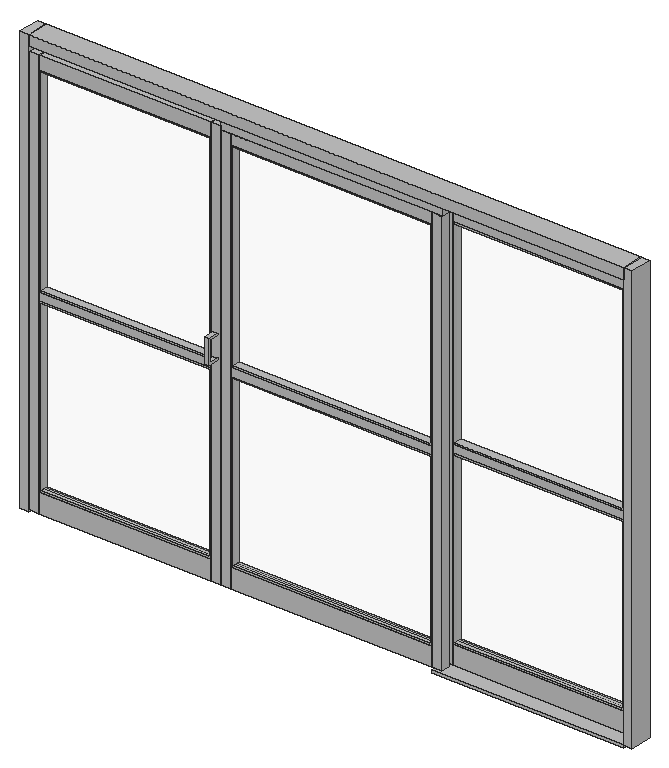
Revit family "Door_Sliding_Single_Tormax_TX9600-ICU-3Panel", category Doors, host Wall, Revit 2026
Family settings
  Host = Wall
  Classification Number = 23.30.10.17.11
  Always vertical = Yes
  Cut with Voids When Loaded = No
  Shared = No
  Room Calculation Point = No
Parameters
  Water Penetration = "as Specified"
  Warranty Duration (Years) = 0
  Visual Light Transmittance = VLT  # 0
  VLT = 0
  URL = "http://www.tormaxusa.com"
  U = 0.1000 BTU/(h·ft²·°F)
  Transom Height [instance] = 2' - 0"
  Trackless = no
  Thickness = Panel Thickness  # 0' - 1 3/4"
  Thermal Resistance (R) = R  # 0.0000 (h·ft²·°F)/BTU
  Test Data = ""
  Structural Test Pressure = "as Specified"
  Standards Conformance = "as Specified"
  Specification = "http://www.arcat.com/sdspecs/htm/08463tor.htm"
  SpecWizard = ""
  Solar Heat Gain Coefficient = SHGC  # 0
  Smoke Rated = no
  Sensor Color [instance] = Metal - Tormax - Black
  Send Message = "http://www.arcat.com/users.pl?action=UserEmail&company=Tormax+Technologies,+Inc.&coid=43969&rep=108&fax=210-494-5930&mf="
  Sales Information = "http://www.tormaxusa.com/contact.php"
  SHGC = 0
  RO Spacing_Sides = 0' - 0 1/4"
  Rough Width [instance] = Width + (RO Spacing_Sides * 2)  # 10' - 6 1/2"
  Rough Height [instance] = Height + (RO Spacing_Top)  # 7' - 4 1/4"
  R = 0.0000 (h·ft²·°F)/BTU
  Product Page URL = ""
  Panel B Width = 3' - 3 1/2"
  Panel A Width = 3' - 9 1/2"
  Overall Height [instance] = if(Include Transom, Height + Transom Height, Height)  # 7' - 4"
  Operating Temperature Range = "as Specified"
  RO Spacing_Top = 0' - 0 1/4"
  Product Properties = ""
  Product Data = "http://www.arcat.com/arcatcos/cos43/arc43969.html"
  Panel Thickness = 0' - 1 3/4"  # constant formula
  Offset from Exterior Wall [instance] = if(Backset from Offset Plane > Offset Plane from Exterior Wall Face, 0' 0", abs(Offset Plane from Exterior Wall Face - Backset from Offset Plane))  # 0' - 0"
  Model = "as Specified"
  Miami Dade Conformance = "as Specified"
  Maximum Size = "Width and Height as Specified"
  Manufacturer Website = "http://www.tormaxusa.com"
  Manufacturer Phone - Toll Free = "888-685-3707"
  Manufacturer Phone = "210-494-3551"
  Manufacturer Fax = "210-494-5930"
  Manufacturer Address = "12859 Wetmore Rd. San Antonio, TX 78247"
  Manufacturer = "TORMAX USA Inc."
  Maintenance Schedule (Months) = 0
  Keynote = "08463"
  Installation-Fabrication = ""
  Installation Phase = ""
  Inset from Exterior Wall [instance] = if(Backset from Offset Plane > Offset Plane from Exterior Wall Face, abs(Offset Plane from Exterior Wall Face - Backset from Offset Plane), 0' 0")  # 0' - 0"
  Include Transom = no
  Height [instance] = 7' - 4"
  Heat Transfer Coefficient (U) = U  # 0.1000 BTU/(h·ft²·°F)
  Green Building-LEED = "http://www.arcat.com/green/clients/leed_data_43969.html"
  Glazing Tint [instance] = Glass - Tormax - Glazing as Specified
  Glazing Thickness_Transom [instance] = 0' - 0 1/2"
  Glazing Thickness_Sliding Panel [instance] = 0' - 0 1/2"
  Glazing Thickness_Fixed Panel [instance] = 0' - 0 1/2"
  Glazing Stop Width = 0' - 0 1/4"
  Function = Exterior
  Frame Thickness = 0' - 4 1/2"
  Frame Finish [instance] = Metal - Tormax - Aluminum Finished as Specified
  Fire Rating = "as Specified"
  Expected Lifespan (Years) = 0
  Drawn By = "Sumex Design, Inc. / Robert S. Weygant, CSI, CDT, SCIP"
  Door Threshold = 9600SS : Recessed Threshold
  Door Stile_Operable Leaf_Wide [instance] = not(Door Stile_Operable Leaf_Narrow)  # no
  Door Stile_Operable Leaf_Narrow [instance] = yes
  Door Stile_Fixed Leaf_Wide [instance] = not(Door Stile_Fixed Leaf_Narrow)  # no
  Door Stile_Fixed Leaf_Narrow [instance] = yes
  Door Stile Width_Operable Leaf [instance] = if(Door Stile_Operable Leaf_Narrow, 0' 2 1/8", 0' 5 1/2")  # 0' - 2 1/8"
  Door Stile Width_Fixed Leaf [instance] = if(Door Stile_Fixed Leaf_Narrow, 0' 2 1/8", 0' 5 1/2")  # 0' - 2 1/8"
  Door Bottom Rail_Tall [instance] = not(Door Bottom Rail_Standard)  # no
  Door Bottom Rail_Standard [instance] = yes
  Door Bottom Rail Height [instance] = if(Door Bottom Rail_Standard, 0' 4", 0' 10")  # 0' - 4"
  Description = "Tormax Manual Sliding ICU Door as Specified"
  Wall Closure = By host
  Width = 10' - 6"
  Define Thermal Properties by = Schematic Type
  Copyright = "©Arcat Inc."
  Construction Details = "http://www.arcat.com/details/tormax/tormax.html?coid=43969"
  Clear Door Opening Width = 3' - 0 1/4"
  Clear Door Opening Height [instance] = Height - 0' 3 3/4"  # 7' - 0 1/4"
  Center Rail Width = 0' - 1 3/4"
  CAD Details = ""
  Breakout_Partial = no
  Breakout_Full = yes
  Breakout Width = 9' - 7 3/4"
  Available Options = "as Specified"
  Assembly Code = "B2030110"
  Backset from Offset Plane [instance] = 0' - 0"
  Offset Plane from Exterior Wall Face [instance] = 0' - 0"
  Analytic Construction = "<None>"
  Air Infiltration = "as Specified"
  2D Plan Swing Angle [instance] = 30.00°
Reference planes (in)
  plane 1 "Center (Front/Back)": y = 1.6426
  plane 2: z = 0
  plane 3 "Center (Left/Right)": x = -0.5
  plane 4 "Left": x = -63.75
  plane 5 "Right": x = 62.75
  plane 6 "Bottom": z = 0
  plane 7 "Top": z = 88.25
  plane 8: x = -63.5
  plane 9: x = 62.5
  plane 10: z = 88
  plane 11: y = -1.3574
  plane 12: y = 4.6426
  plane 13 "Door Frame Exterior": y = 4.6426
  plane 14 "Door Frame Interior": y = 0.1426
  plane 15: y = 4.6426
  plane 16 "Door Frame CL": y = 2.3926
  plane 17: x = 59.6875
  plane 18: x = 58.625
  plane 19: x = 60.75
Lines and regions (in)
  Opening 1
    outline origin (-60, -1.3574, 0) x (1, 0, 0) y (0, 0, 1)
      loop
        line (-3.75, 88.25) -> (-3.75, 0) -> (122.75, 0) -> (122.75, 88.25) -> (-3.75, 88.25)
Text (in)
  text "EXTERIOR" at (-58.6888, 13.80127, 0), in view "Plan View"
  text "INTERIOR" at (-58.6888, -8.43329, 0), in view "Plan View"
  text "Exterior" at (0, 43.65631, 123.19604), in view "Left"
  text "Exterior" at (0, 18.29385, 125.04747), in view "Right"
Dimensions and locks (in)
  equal spacing: plane 4 "Left", plane 3 "Center (Left/Right)", plane 5 "Right"
  "RO Spacing_Sides": plane 4 "Left" to plane 8
  "RO Spacing_Sides": plane 9 to plane 5 "Right"
  "RO Spacing_Top": plane 10 to plane 7 "Top"
  "Frame Thickness": plane 14 "Door Frame Interior" to plane 13 "Door Frame Exterior"
  "Offset Plane from Exterior Wall Face": plane 15 to plane 12
  "Backset from Offset Plane": plane 15 to plane 13 "Door Frame Exterior"
  equal spacing: plane 14 "Door Frame Interior", plane 16 "Door Frame CL", plane 13 "Door Frame Exterior"
  "Width": plane 8 to plane 9
  "Overall Height": plane 10 to level
  locked: plane 19 to plane 9 at 1.75
  "Door Stile Width_Fixed Leaf": plane 18 to plane 19
  equal spacing: plane 18, plane 17, plane 19
  aligned and locked: plane 7 "Top" to Opening 1 sketch curve
  aligned and locked: plane 5 "Right" to Opening 1 sketch curve
  aligned and locked: plane 4 "Left" to Opening 1 sketch curve
  aligned and locked: level to plane 2
  aligned and locked: Opening 1 sketch curve to plane 2
  aligned and locked: plane 6 "Bottom" to plane 2
  aligned and locked: host wall to plane 1 "Center (Front/Back)"
  aligned and locked: plane 11 to host wall
  aligned and locked: host wall to plane 12
  aligned and locked: nested 2 to plane 17
  aligned and locked: plane 13 "Door Frame Exterior" to nested 2
Nested families (in)
  nested 1: "9600SS" at (-0.5, 2.3926, 66) x (1, 0, 0) z (0, 1, 0), Unit Width <- "Width", Unit Height <- "Height", include transom <- "Include Transom", breakout angle <- "2D Plan Swing Angle", panel thickness <- "Panel Thickness", transom glazing <- "Glazing Tint", sliding panel glazing <- "Glazing Tint", frame finish <- "Frame Finish", transom height <- "Transom Height", transom glass thickness <- "Glazing Thickness_Transom", sliding glazing thickness <- "Glazing Thickness_Sliding Panel", fixed glazing thickness <- "Glazing Thickness_Fixed Panel", glazing stop width <- "Glazing Stop Width", bottom rail height <- "Door Bottom Rail Height", type <- "Door Threshold", doodad finish <- "Sensor Color", stile width_operable <- "Door Stile Width_Operable Leaf", stile width_fixed <- "Door Stile Width_Fixed Leaf", fixed panel glazing <- "Glazing Tint", center rail width <- "Center Rail Width", primary panel width <- "Panel A Width", fixed panel width <- "Panel B Width", partial breakout <- "Breakout_Partial", trackless <- "Trackless", type "Recessed Threshold"
    with transomsweepcontrol 0' - 1 3/16", transomheightcontrol 0' - 2 3/16", transomheaderheightcontrol 0' - 2 3/16", transom height 2' - 0", transom glazing Glass - Tormax - Glazing as Specified, transom glass thickness 0' - 0 1/2", trackless no, stile width_operable 0' - 2 1/8", stile width_fixed 0' - 2 1/8", sliding panel glazing Glass - Tormax - Glazing as Specified, sliding glazing thickness 0' - 0 1/2", primary panel width 3' - 9 1/2", partial breakout no, panelheightc 7' - 0 1/2", panelheightb 7' - 1 7/16", panelheighta 6' - 11 7/8", panel width 5' - 2 7/16", panel thickness 0' - 1 3/4", offsetsliding -0' - 1 1/4", offsetfixed 0' - 1 3/8", locatepanelfromright 0' - 0", locatepanelfromleft 0' - 0", include transom no, glazing stop width 0' - 0 1/4", full breakout yes, frame finish Metal - Tormax - Aluminum Finished as Specified, fixedtrack no, fixed panel width 3' - 3 1/2", fixed panel glazing Glass - Tormax - Glazing as Specified, fixed glazing thickness 0' - 0 1/2", doodad finish Metal - Tormax - Black, center rail width 0' - 1 3/4", breakout angle 30.00°, bottom rail height 0' - 4", air space 0' - 0 3/8", Unit Width 10' - 6", Unit Height 7' - 4", Smoke Rated no, Header Height 0' - 2 3/16", Clear Opening Height 7' - 0 1/4"
  nested 2: "Tool_BreakawaySwing" at (59.6875, 4.6426, 0) x (-1, 0, 0) z (0, 0, -1), Panel_Second_Width <- "Panel A Width", Panel_First_Width <- "Panel B Width", visible <- "Breakout_Full", type "Tool_BreakawaySwing"
    with Third Panel Visible no, Space Between Panel 2 and 3 0' - 0 1/4", Space Between Panel 1 and 2 0' - 2 5/16", Second Panel Visible yes, Panel_Third_Width 2' - 6", Panel_Third_Thickness 0' - 1 3/4", Panel_Third_Backset from First 0' - 6", Panel_Second_Width 3' - 9 1/2", Panel_Second_Thickness 0' - 1 3/4", Panel_Second_Backset from First 0' - 2 3/4", Panel_First_Width 3' - 3 1/2", Panel_First_Thickness 0' - 1 3/4", Panel_First_Pivot Inset 0' - 1 3/4"
Definition of nested family "9600SS"
  Parameters (values of type "Recessed Threshold")
    transomsweepcontrol [instance] = if(include transom, 0' 0", 0' 1 3/16")  # 0' - 1 3/16"
    transomheightcontrol [instance] = if(include transom, transom height, 0' 2 3/16")  # 0' - 2 3/16"
    transomheaderheightcontrol [instance] = if(include transom, 0' 1 13/16", 0' 2 3/16")  # 0' - 2 3/16"
    transom height [instance] = 3' - 4 3/16"
    transom glazing [instance] = none
    transom glass thickness [instance] = 0' - 0 1/8"
    trackless [instance] = yes
    surface threshold = no
    stile width_operable [instance] = 0' - 2 1/8"
    stile width_fixed [instance] = 0' - 2 1/8"
    panelheightc [instance] = panelheighta + 0' 0 5/8"  # 6' - 8 1/2"
    panelheightb [instance] = Unit Height - Header Height - (air space)  # 6' - 9 7/16"
    panelheighta [instance] = Unit Height - Header Height - air space - 0' 1 9/16"  # 6' - 7 7/8"
    sliding panel glazing [instance] = none
    panel width [instance] = (Unit Width - (0' 1 3/4" * 2) + (stile width_fixed + glazing stop width)) / 2  # 5' - 2 7/16"
    panel thickness [instance] = 0' - 1 3/4"
    primary panel width [instance] = 3' - 9 1/2"
    offsetsliding [instance] = if(full breakout, -0' 1 1/4", 0' 1 5/16")  # -0' - 1 1/4"
    offsetfixed [instance] = if(full breakout, 0' 1 3/8", -0' 1 3/8")  # 0' - 1 3/8"
    locatepanelfromright [instance] = 0' - 0"  # constant formula
    locatepanelfromleft [instance] = 0' - 0"  # constant formula
    include transom [instance] = no
    sliding glazing thickness [instance] = 0' - 0 1/2"
    glazing stop width [instance] = 0' - 0 1/4"
    full breakout [instance] = not(partial breakout)  # yes
    frame finish [instance] = none
    fixedtrack [instance] = and(partial breakout, not(trackless))  # no
    fixed panel width [instance] = 3' - 3 1/2"
    fixed panel glazing [instance] = none
    fixed glazing thickness [instance] = 0' - 0 1/4"
    doodad finish [instance] = none
    center rail width [instance] = 0' - 1 3/4"
    breakout angle [instance] = 45.00°
    partial breakout [instance] = no
    bottom rail height [instance] = 0' - 4"
    air space [instance] = if(surface threshold, 0' 0 13/16", 0' 0 3/8")  # 0' - 0 3/8"
    Warranty Duration (Years) = 0
    Unit Width [instance] = 10' - 6"
    Unit Height [instance] = 7' - 0"
    Unit Depth = 2' - 8"
    URL = ""
    Threshold_recessed = yes
    Specification = ""
    SpecWizard = ""
    Smoke Rated [instance] = no
    Send Message = ""
    Sales Information = ""
    Revision = "R1_01-2014"
    Product Properties = ""
    Product Data = ""
    Model = "As Specified"
    Manufacturer Website = ""
    Manufacturer Phone - Toll Free = ""
    Manufacturer Phone = ""
    Manufacturer Fax = ""
    Manufacturer Address = ""
    Manufacturer = ""
    Maintenance Schedule (Months) = 0
    Keynote = ""
    Installation-Fabrication = ""
    Installation Phase = ""
    Header Height [instance] = 0' - 2 3/16"  # constant formula
    Green Building-LEED = ""
    Expected Lifespan (Years) = 0
    Drawn By = "Sumex Design, Inc. / Robert S. Weygant, CSI, CDT, SCIP"
    Description = ""
    Define Thermal Properties by = 1
    Default Elevation = 0' - 0"
    Copyright = "©Arcat Inc."
    Construction Details = ""
    Clear Opening Height [instance] = Unit Height - 0' 3 3/4"  # 6' - 8 1/4"
    Assembly Code = ""
    Analytic Construction = "<None>"
  Types (2): name | panel width | primary panel width | fixed panel width | Unit Width | Threshold_recessed
    No Threshold | 3' - 5 7/16" | 3' - 8 1/2" | 3' - 2 1/2" | 7' - 0" | no
    Recessed Threshold | 5' - 2 7/16" | 3' - 9 1/2" | 3' - 3 1/2" | 10' - 6" | yes
  Reference planes (in)
    plane 1 "Center (Front/Back)": y = -25.09375
    plane 2 "Bottom": z = 0
    plane 3 "Center (Left/Right)": x = 0
    plane 4 "FF": y = -66
    plane 5 "Top": y = 20.1875
    plane 6 "Left": x = -63
    plane 7 "Right": x = 63
    plane 8: y = 18
    plane 9: z = 0.0625
    plane 10: z = -0.0625
    plane 11: x = -61.25
    plane 12: x = 61.25
    plane 13: y = -65.625
    plane 14: y = 15.8125
    plane 15: y = -66
    plane 16: z = -1.75
    plane 17: z = 2.25
    plane 18: z = -2.25
    plane 19: x = -30.625
    plane 20: y = 18
    plane 21: x = 21.75
    plane 22: x = -21.75
  Forms (in)
    Extrusion 1, solid, material <- "frame finish"
      sketch origin (0, -25.09375, 0) x (1, 0, 0) y (0, 0, 1)
        loop
          line (-63, -2.25) -> (-61.25, -2.25) -> (-61.25, 2.25) -> (-63, 2.25) -> (-63, -2.25)
        loop
          line (61.25, -2.25) -> (63, -2.25) -> (63, 2.25) -> (61.25, 2.25) -> (61.25, -2.25)
      from -43.09375 to 40.90625
    Extrusion 2, solid, material <- "frame finish", visible <- "include transom"
      sketch origin (0, 0, 0) x (0, 1, 0) y (0, 0, 1)
        loop
          line (20.1875, 2.46875) -> (18, 2.46875) -> (18, -2.46875) -> (20.1875, -2.46875) -> (20.1875, 2.46875)
      from -63 to 63
    Extrusion 3, solid, material <- "frame finish"
      sketch origin (0, 0, 0) x (0, 1, 0) y (0, 0, 1)
        loop
          line (18, -2.25) -> (18, 2.25) -> (15.8125, 2.25) -> (15.8125, -2.25) -> (18, -2.25)
      from -61.25 to 61.25
    Extrusion 4, solid, material <- "transom glazing", visible <- "include transom"
      sketch origin (0, 0, 0) x (0, 1, 0) y (0, 0, 1)
        loop
          line (18, -0.0625) -> (18.375, -0.0625) -> (18.375, 0.0625) -> (18, 0.0625) -> (18, -0.0625)
      from -61.25 to 61.25
    Sweep 5, solid, material <- "frame finish", visible <- "include transom", detail levels medium+fine
      path origin (0, 0, 0) x (1, 0, 0) y (0, 1, 0)
        loop
          line (-61.25, 18.375) -> (-61.25, 16.8125) -> (61.25, 16.8125) -> (61.25, 18.375) -> (-61.25, 18.375)
      profile origin (0, 18.375, 0) x (0, 1, 0) y (0, 0, 1)
        loop
          line (0, -0.75) -> (0, 0.75) -> (-0.25, 0) -> (0, -0.75)
    Extrusion 6, solid, material <- "frame finish", visible <- "Threshold_recessed"
      sketch origin (0, 0, 0) x (0, 1, 0) y (0, 0, 1)
        loop
          line (-66, 2.25) -> (-66.5, 2.25) -> (-66.5, -2.25) -> (-66, -2.25) -> (-66, 2.25)
      from 21.75 to 61.25
    Extrusion 7, solid, material <- "frame finish"
      sketch origin (0, 0, 0) x (0, 1, 0) y (0, 0, 1)
        loop
          line (14.25, 0) -> (15.8125, 0) -> (15.8125, 0.3125) -> (14.25, 0.3125) -> (14.25, 0)
      from -61.25 to 61.25
  Dimensions and locks (in)
    equal spacing: plane 6 "Left", plane 3 "Center (Left/Right)", plane 7 "Right"
    "Unit Width": plane 6 "Left" to plane 7 "Right"
    "transomheightcontrol": plane 5 "Top" to plane 8
    equal spacing: plane 10, level, plane 9
    "transom glass thickness": plane 10 to plane 9
    locked: Extrusion 4 sketch curve to plane 5 "Top" at 1.8125
    locked: plane 6 "Left" to Sweep 5 sketch curve at 1.75
    locked: Sweep 5 sketch curve to plane 7 "Right" at 1.75
    locked: plane 5 "Top" to Sweep 5 sketch curve at 1.8125
    locked: plane 12 to plane 7 "Right" at 1.75
    locked: plane 6 "Left" to plane 11 at 1.75
    "air space": plane 13 to plane 4 "FF"
    Extrusion 1 sketch curve to level to Extrusion 1 sketch curve = 0' - 2 1/4" locked, 0' - 2 1/4" locked  (x2)
    Extrusion 6 sketch curve to level to Extrusion 6 sketch curve = 0' - 2 1/4" locked, 0' - 2 1/4" locked
    locked: Extrusion 6 sketch curve to plane 4 "FF" at 0.5
    locked: level to plane 16 at 1.75
    equal spacing: plane 17, level, plane 18
    locked: plane 17 to plane 18 at 4.5
    equal spacing: plane 11, plane 19, plane 3 "Center (Left/Right)"
    "Unit Height": plane 4 "FF" to plane 8
    "Header Height": plane 14 to plane 8
    equal spacing: plane 4 "FF", plane 1 "Center (Front/Back)", plane 14
    "transomheaderheightcontrol": plane 20 to plane 5 "Top"
    Sweep 5 sketch curve to plane 2 "Bottom" to Sweep 5 sketch curve = 0' - 0 3/4" locked, 0' - 0 3/4" locked
    Extrusion 2 sketch curve to plane 2 "Bottom" to Extrusion 2 sketch curve = 0' - 2 15/32" locked, 0' - 2 15/32" locked
    Extrusion 7 sketch curve to Extrusion 7 sketch curve to plane 8 = 0' - 1 9/16" locked, 0' - 2 3/16" locked
    "transomsweepcontrol": plane 8 to Sweep 5 sketch curve
    Extrusion 7 sketch curve to level to Extrusion 7 sketch curve = 0' - 0 5/16" locked, 0' - 0" locked
    "fixed panel width": plane 21 to plane 12
    "fixed panel width": plane 11 to plane 22
    aligned and locked: Extrusion 1 to plane 4 "FF"
    aligned and locked: plane 5 "Top" to Extrusion 2 sketch curve
    aligned and locked: plane 8 to Extrusion 3 sketch curve
    aligned and locked: plane 8 to Extrusion 4 sketch curve
    aligned and locked: plane 11 to Extrusion 1 sketch curve
    aligned and locked: plane 12 to Extrusion 1 sketch curve
    aligned and locked: Extrusion 1 sketch curve to plane 7 "Right"
    aligned and locked: plane 6 "Left" to Extrusion 1 sketch curve
    aligned and locked: Extrusion 4 to plane 11
    aligned and locked: plane 12 to Extrusion 4
    aligned and locked: plane 12 to Extrusion 3
    aligned and locked: Extrusion 3 to plane 11
    aligned and locked: plane 4 "FF" to Extrusion 6 sketch curve
    aligned and locked: nested 2 to plane 12
    aligned and locked: plane 12 to Extrusion 6
    aligned and locked: plane 20 to Extrusion 2 sketch curve
    aligned and locked: plane 7 "Right" to Extrusion 2
    aligned and locked: Extrusion 2 to plane 6 "Left"
    aligned and locked: Extrusion 1 to plane 20
    aligned and locked: Extrusion 3 sketch curve to plane 17
    aligned and locked: plane 14 to Extrusion 3 sketch curve
    aligned and locked: nested 2 to plane 13
    aligned and locked: nested 1 to plane 13
    aligned and locked: plane 12 to Extrusion 7
    aligned and locked: Extrusion 7 to plane 11
    aligned and locked: Extrusion 6 to plane 21
    aligned and locked: nested 1 to plane 22
    aligned and locked: nested 3 to plane 11
    aligned and locked: plane 13 to nested 3
  Automatic sketch dimensions
    Extrusion 3 sketch curve to level = 0' - 2 1/4"
    plane 10 to Extrusion 4 sketch curve = 0' - 0"
    plane 9 to Extrusion 4 sketch curve = 0' - 0"
    Sweep 5 sketch curve to profile plane = 0' - 0"
    profile plane to Sweep 5 sketch curve = 0' - 0 1/4"
    Sweep 5 sketch curve to level = 0' - 0"
  Nested families (in)
    nested 1: "FramedPanel" at (1, -25.6875, -1.25), stilewidth <- "stile width_operable", Width <- "primary panel width", breakout angle <- "breakout angle", frame finish <- "frame finish", fixed panel glazing <- "sliding panel glazing", glazing thickness <- "sliding glazing thickness", glassstopwidth <- "glazing stop width", bottomrailheight <- "bottom rail height", Height <- "panelheighta", doodad <- "doodad finish", centerrail <- "center rail width", built-in parameter 1001364 <- "offsetsliding", Latch <- "Smoke Rated", type "FramedPanel"
      with stilewidth 0' - 2 1/8", sliding yes, header height 0' - 2 1/8", glazing thickness 0' - 0 1/2", glassstopwidth 0' - 0 1/4", frame finish none, fixedtrack no, fixed panel glazing none, doodad none, directionalarrowinterior yes, directionalarrowexterior no, centerrail 0' - 1 3/4", breakoutswing yes, breakout angle 45.00°, bottomrailheightactual 0' - 4", bottomrailheight 0' - 4", airspaceunderdoor 0' - 0", built-in parameter 1001301 3' - 9 1/2", Latch no, built-in parameter 1001300 6' - 7 7/8"
    nested 2: "FramedPanel" at (41.5, -24.90625, 1.375), frame finish <- "frame finish", fixed panel glazing <- "fixed panel glazing", stilewidth <- "stile width_fixed", glazing thickness <- "fixed glazing thickness", glassstopwidth <- "glazing stop width", bottomrailheight <- "bottom rail height", Width <- "fixed panel width", Height <- "panelheightb", doodad <- "doodad finish", centerrail <- "center rail width", built-in parameter 1001364 <- "offsetfixed", breakoutswing <- "full breakout", fixedtrack <- "fixedtrack", type "FramedPanel"
      with stilewidth 0' - 2 1/8", sliding no, header height 0' - 3 11/16", glazing thickness 0' - 0 1/4", glassstopwidth 0' - 0 1/4", frame finish none, fixedtrack no, fixed panel glazing none, doodad none, directionalarrowinterior no, directionalarrowexterior no, centerrail 0' - 1 3/4", breakoutswing yes, breakout angle 45.00°, bottomrailheightactual 0' - 4", bottomrailheight 0' - 4", airspaceunderdoor 0' - 0", built-in parameter 1001301 3' - 3 1/2", Latch no, built-in parameter 1001300 6' - 9 7/16"
    nested 3: "FramedPanelSwing" at (-41.5, -25.375, -1.25) x (-1, 0, 0) z (0, 0, 1), built-in parameter 1001364 <- "offsetsliding", frame finish <- "frame finish", fixed panel glazing <- "fixed panel glazing", doodad <- "doodad finish", stilewidth <- "stile width_fixed", glazing thickness <- "sliding glazing thickness", glassstopwidth <- "glazing stop width", centerrail <- "center rail width", bottomrailheight <- "bottom rail height", Width <- "fixed panel width", Height <- "panelheightc", type "FramedPanelSwing"
      with stilewidth 0' - 2 1/8", sliding yes, header height 0' - 2 3/4", glazing thickness 0' - 0 1/2", glassstopwidth 0' - 0 1/4", frame finish none, fixedtrack yes, fixed panel glazing none, doodad none, directionalarrowinterior yes, directionalarrowexterior yes, centerrail 0' - 1 3/4", breakoutswing yes, breakout angle 90.00°, bottomrailheightactual 0' - 4", bottomrailheight 0' - 4", airspaceunderdoor 0' - 0", built-in parameter 1001301 3' - 3 1/2", Pull yes, Latch no, built-in parameter 1001300 6' - 8 1/2"
  Definition of nested family "FramedPanel"
    Parameters (values of type "FramedPanel")
      stilewidth [instance] = 0' - 2 3/16"
      sliding [instance] = yes
      header height [instance] = 0' - 3 1/2"
      glazing thickness [instance] = 0' - 0 3/4"
      glassstopwidth [instance] = 0' - 0 1/4"
      frame finish [instance] = none
      fixedtrack [instance] = yes
      fixed panel glazing [instance] = none
      doodad [instance] = none
      directionalarrowinterior [instance] = yes
      directionalarrowexterior [instance] = yes
      centerrail [instance] = 0' - 1 3/4"
      breakoutswing [instance] = yes
      breakout angle [instance] = 45.00°
      bottomrailheightactual [instance] = bottomrailheight + airspaceunderdoor  # 0' - 6"
      bottomrailheight [instance] = 0' - 6"
      airspaceunderdoor [instance] = 0' - 0"
      Width [instance] = 2' - 8"
      Warranty Duration (Years) = 0
      URL = ""
      Specification = ""
      SpecWizard = ""
      Send Message = ""
      Sales Information = ""
      Revision = "R1_01-2014"
      Product Properties = ""
      Product Data = ""
      Model = "As Specified"
      Manufacturer Website = ""
      Manufacturer Phone - Toll Free = ""
      Manufacturer Phone = ""
      Manufacturer Fax = ""
      Manufacturer Address = ""
      Manufacturer = ""
      Maintenance Schedule (Months) = 0
      Latch [instance] = yes
      Keynote = ""
      Installation-Fabrication = ""
      Installation Phase = ""
      Height [instance] = 6' - 0"
      Green Building-LEED = ""
      Expected Lifespan (Years) = 0
      Drawn By = "Sumex Design, Inc. / Robert S. Weygant, CSI, CDT, SCIP"
      Description = ""
      Default Elevation = 0' - 0"
      Copyright = "©Arcat Inc."
      Construction Details = ""
      Assembly Code = ""
      Analytic Construction = "<None>"
    Reference planes (in)
      plane 1 "Center (Front/Back)": y = 0
      plane 2 "Bottom": z = 0
      plane 3 "Center (Left/Right)": x = 0
      plane 4 "Front": y = -36
      plane 5 "Back": y = 36
      plane 6 "Left": x = -16
      plane 7 "Right": x = 16
      plane 8 "Side1": z = 0.875
      plane 9: z = -0.875
      plane 10: z = 0.375
      plane 11: z = -0.375
      plane 12: y = -30
      plane 13: y = -29.75
      plane 14: x = -13.8125
      plane 15: y = 32.5
      plane 16: y = 4
      plane 17: y = 4.875
      plane 18: y = 3.125
      plane 19: y = 5.125
      plane 20: y = 2.875
      plane 21: x = -13.5625
      plane 22: x = 13.8125
      plane 23: y = 32.25
      plane 24: y = -36
      plane 25: y = 0
      plane 26: x = 13.5625
    Forms (in)
      Extrusion 1, solid, material <- "frame finish"
        sketch origin (-14.75, 57.80249, -0.875) x (1, 0, 0) y (0, 1, 0)
          loop
            line (30.75, -21.80249) -> (28.5625, -21.80249) -> (28.5625, -93.80249) -> (30.75, -93.80249) -> (30.75, -21.80249)
          loop
            line (-1.25, -21.80249) -> (-1.25, -93.80249) -> (0.9375, -93.80249) -> (0.9375, -21.80249) -> (-1.25, -21.80249)
        from 0 to 1.75
      Extrusion 2, solid, material <- "frame finish"
        sketch origin (-14.75, 57.80249, -0.875) x (1, 0, 0) y (0, 1, 0)
          loop
            line (0.9375, -21.80249) -> (0.9375, -25.30249) -> (28.5625, -25.30249) -> (28.5625, -21.80249) -> (0.9375, -21.80249)
        from 0 to 1.75
      Extrusion 3, solid, material <- "frame finish"
        sketch origin (-14.75, 57.80249, -0.875) x (1, 0, 0) y (0, 1, 0)
          loop
            line (0.9375, -52.92749) -> (0.9375, -54.67749) -> (28.5625, -54.67749) -> (28.5625, -52.92749) -> (0.9375, -52.92749)
        from 0 to 1.75
      Extrusion 4, solid, material <- "frame finish"
        sketch origin (-14.75, 57.80249, -0.875) x (1, 0, 0) y (0, 1, 0)
          loop
            line (28.5625, -87.80249) -> (0.9375, -87.80249) -> (0.9375, -93.80249) -> (28.5625, -93.80249) -> (28.5625, -87.80249)
        from 0 to 1.75
      Extrusion 5, solid, material <- "frame finish"
        sketch origin (-14.75, 57.80249, -0.875) x (1, 0, 0) y (0, 1, 0)
          loop
            line (0.9375, -25.30249) -> (0.9375, -52.92749) -> (28.5625, -52.92749) -> (28.5625, -25.30249) -> (28.3125, -25.30249) -> (28.3125, -52.67749) -> (1.1875, -52.67749) -> (1.1875, -25.30249) -> (0.9375, -25.30249)
        from 0 to 1.75
      Extrusion 6, solid, material <- "frame finish"
        sketch origin (-14.75, 57.80249, -0.875) x (1, 0, 0) y (0, 1, 0)
          loop
            line (0.9375, -54.67749) -> (0.9375, -87.80249) -> (28.5625, -87.80249) -> (28.5625, -54.67749) -> (0.9375, -54.67749)
          loop
            line (28.3125, -87.55249) -> (28.3125, -54.92749) -> (1.1875, -54.92749) -> (1.1875, -87.55249) -> (28.3125, -87.55249)
        from 0 to 1.75
      Extrusion 7, solid, material <- "fixed panel glazing"
        sketch origin (-14.75, 57.80249, -0.875) x (1, 0, 0) y (0, 1, 0)
          loop
            line (1.1875, -25.55249) -> (1.1875, -87.55249) -> (28.3125, -87.55249) -> (28.3125, -25.55249) -> (1.1875, -25.55249)
        from 0.5 to 1.25
      Extrusion 8, solid, material <- "frame finish", visible <- "sliding"
        sketch origin (0, 0, 0) x (0, 1, 0) y (0, 0, 1)
          loop
            line (36, 0.73267) -> (36, -0.76733) -> (38, -0.76733) -> (38, 0.73267) -> (36, 0.73267)
        from -16 to 16
      Extrusion 9, solid, material <- "frame finish"
        sketch origin (0, 0, 0) x (1, 0, 0) y (0, 1, 0)
          loop
            line (-13.5625, 32.5) -> (-13.5625, 32.25) -> (13.5625, 32.25) -> (13.5625, 32.5) -> (-13.5625, 32.5)
        from -0.875 to 0.875
      Extrusion 10, solid, material <- "frame finish", visible <- "fixedtrack"
        sketch origin (0, 0, 0) x (0, 1, 0) y (0, 0, 1)
          loop
            line (-36, 0.875) -> (-36.375, 0.875) -> (-36.375, -0.875) -> (-36, -0.875) -> (-36, 0.875)
        from -16 to 16
      Extrusion 11, solid, material <- "frame finish", visible <- "Latch"
        sketch origin (-0.08268, 5.92397, 0) x (1, 0, 0) y (0, 1, 0)
          loop
            line (14.38604, -0.36519) -> (14.38604, -3.36519) -> (15.4935, -3.36519) -> (15.4935, -0.36519) -> (14.38604, -0.36519)
        from -1.02466 to 1.01349
      Extrusion 12, solid, material <- "frame finish", visible <- "Latch"
        sketch origin (16, 16.34522, 48) x (0, 1, 0) y (0, 0, 1)
          loop
            line (-12.59522, -46.23651) -> (-12.59522, -49.76349) -> (-14.34522, -49.76349) -> (-14.34522, -50.01349) -> (-12.09522, -50.01349) -> (-12.09522, -45.98651) -> (-14.34522, -45.98651) -> (-14.34522, -46.23651) -> (-12.59522, -46.23651)
        from -1.41722 to -0.8521
    Lines and regions (in)
      Masking region 1, visible <- "directionalarrowexterior"
        outline origin (0, 0, 0) x (1, 0, 0) y (0, 0, 1)
          loop
            line (-2.23256, 3.10174) -> (2.23256, 3.10174) -> (2.23256, 2.125) -> (3.76744, 3.65988) -> (2.23256, 5.19477) -> (2.23256, 4.21802) -> (-2.23256, 4.21802) -> (-2.23256, 3.10174)
      Masking region 2, visible <- "directionalarrowinterior"
        outline origin (0, 0, -9.75) x (1, 0, 0) y (0, 0, 1)
          loop
            line (-2.23256, 5.53198) -> (2.23256, 5.53198) -> (2.23256, 4.55523) -> (3.76744, 6.09012) -> (2.23256, 7.625) -> (2.23256, 6.64826) -> (-2.23256, 6.64826) -> (-2.23256, 5.53198)
      Masking region 3, visible <- "sliding"
        outline origin (0, 0, 0) x (1, 0, 0) y (0, 1, 0)
          loop
            line (0, 11) -> (-3, 11) -> (-3, 9.5) -> (0, 9.5) -> (0, 8.75) -> (1.5, 10.25) -> (0, 11.75) -> (0, 11)
      symbolic lines, visible <- "breakoutswing"
        curve 1: line (-16, 36, 0) -> (16, 0, 0)
        curve 2: line (16, 0, 0) -> (-16, -36, 0)
        curve 6: line (-6.62742, -36, 23.50242) -> (-7.86485, -36, 22.26498)
        curve 7: line (-7.86485, -36, 22.26498) -> (14.76256, -36, -0.36244)
        curve 8: line (16, -36, 0.875) -> (14.76256, -36, -0.36244)
      model lines, visible <- "breakoutswing"
        curve 3: arc (-16, -36, 0.875) -> (-13.56415, -36, 13.12087) -> (-6.62742, -36, 23.50242) r 32
        curve 4: line (16, -36, 0.875) -> (-6.62742, -36, 23.50242)
      reference lines
        curve 5: line (16, -36, 0.875) -> (7.51472, -36, 9.36028)
    Dimensions and locks (in)
      equal spacing: plane 6 "Left", plane 3 "Center (Left/Right)", plane 7 "Right"
      "Width": plane 6 "Left" to plane 7 "Right"
      equal spacing: plane 5 "Back", plane 1 "Center (Front/Back)", plane 4 "Front"
      "Height": plane 5 "Back" to plane 4 "Front"
      locked: plane 8 "Side1" to level at 0.875
      locked: level to plane 9 at 0.875
      equal spacing: plane 10, level, plane 11
      "glazing thickness": plane 10 to plane 11
      "bottomrailheight": plane 12 to plane 24
      "glassstopwidth": plane 13 to plane 12
      "stilewidth": plane 6 "Left" to plane 14
      "header height": plane 5 "Back" to plane 15
      locked: plane 16 to plane 24 at 40
      equal spacing: plane 17, plane 16, plane 18
      "glassstopwidth": plane 19 to plane 17
      "glassstopwidth": plane 18 to plane 20
      "glassstopwidth": plane 14 to plane 21
      "stilewidth": plane 22 to plane 7 "Right"
      "glassstopwidth": plane 15 to plane 23
      "airspaceunderdoor": plane 24 to plane 4 "Front"
      equal spacing: plane 5 "Back", plane 25, plane 24
      "glassstopwidth": plane 26 to plane 22
      "Width": curve 6 to curve 8
      "bottomrailheightactual": plane 12 to Extrusion 4 sketch curve
      "bottomrailheightactual": plane 12 to Extrusion 1 sketch curve  (x2)
      "centerrail": plane 17 to plane 18
      Masking region 1 sketch curve to Masking region 1 sketch curve to Masking region 1 sketch curve to plane 3 "Center (Left/Right)" to Masking region 1 sketch curve = 0' - 1.53488" locked, 0' - 0" locked, 0' - 2.23256" locked, 0' - 2.23256" locked
      Masking region 2 sketch curve to Masking region 2 sketch curve to Masking region 2 sketch curve to plane 3 "Center (Left/Right)" to Masking region 2 sketch curve = 0' - 1.53488" locked, 0' - 0" locked, 0' - 2.23256" locked, 0' - 2.23256" locked
      locked: plane 8 "Side1" to Extrusion 8 sketch curve at 0.14233
      locked: Extrusion 8 sketch curve to plane 9 at 0.10767
      locked: plane 5 "Back" to Extrusion 8 sketch curve at 2
      Masking region 3 sketch curve to Masking region 3 sketch curve to Masking region 3 sketch curve to Masking region 3 sketch curve to Masking region 3 sketch curve to plane 16 = 0' - 0 3/4" locked, 0' - 0 3/4" locked, 0' - 0 3/4" locked, 0' - 0 3/4" locked, 0' - 4 3/4" locked
      locked: Extrusion 10 sketch curve to plane 24 at 0.375
      Extrusion 11 sketch curve to Extrusion 11 sketch curve = 0' - 3"
      Extrusion 11 sketch curve to Extrusion 11 sketch curve to plane 7 "Right" = 0' - 1.10746" locked, 0' - 0.58918" locked
      locked: Extrusion 11 sketch curve to plane 16 at 1.55877
      Extrusion 12 sketch curve to Extrusion 12 sketch curve to Extrusion 12 sketch curve to plane 16 to Extrusion 12 sketch curve = 0' - 0" locked, 0' - 1 3/4" locked, 0' - 0 1/4" locked, 0' - 0 1/4" locked
      "Width": radius of curve 3
      "breakout angle": angle curve 4 to plane 8 "Side1"
      "breakout angle": angle curve 5 to plane 8 "Side1"
      aligned: Extrusion 4 to plane 4 "Front"
      aligned and locked: plane 12 to Extrusion 4
      aligned and locked: Extrusion 6 to plane 12
      aligned and locked: plane 13 to Extrusion 6
      aligned and locked: Extrusion 7 to plane 13
      aligned and locked: plane 6 "Left" to Extrusion 1 sketch curve
      aligned and locked: Extrusion 1 sketch curve to plane 14
      aligned and locked: plane 7 "Right" to Extrusion 1 sketch curve
      aligned and locked: Extrusion 6 sketch curve to plane 21
      aligned and locked: Extrusion 6 sketch curve to plane 14
      aligned and locked: plane 22 to Extrusion 6 sketch curve
      aligned and locked: plane 18 to Extrusion 3 sketch curve
      aligned and locked: Extrusion 3 sketch curve to plane 17
      aligned and locked: plane 14 to Extrusion 3 sketch curve
      aligned and locked: plane 17 to Extrusion 5 sketch curve
      aligned and locked: Extrusion 5 sketch curve to plane 19
      aligned and locked: plane 14 to Extrusion 5 sketch curve
      aligned and locked: plane 21 to Extrusion 5 sketch curve
      aligned and locked: Extrusion 5 sketch curve to plane 15  (x2)
      aligned and locked: Extrusion 2 sketch curve to plane 15
      aligned and locked: Extrusion 2 sketch curve to plane 14
      aligned and locked: plane 5 "Back" to Extrusion 2 sketch curve
      aligned and locked: Extrusion 1 sketch curve to plane 5 "Back"  (x2)
      aligned: plane 7 "Right" to Extrusion 4
      aligned and locked: Extrusion 7 sketch curve to plane 21
      aligned and locked: Extrusion 7 sketch curve to plane 23
      aligned and locked: plane 13 to Extrusion 7 sketch curve
      aligned and locked: Extrusion 4 sketch curve to plane 14
      aligned and locked: plane 12 to Extrusion 4 sketch curve
      aligned and locked: plane 24 to curve 2
      aligned and locked: plane 6 "Left" to curve 2
      aligned and locked: plane 5 "Back" to curve 1
      aligned and locked: plane 6 "Left" to curve 1
      aligned and locked: plane 10 to Extrusion 7
      aligned and locked: Extrusion 7 to plane 11
      aligned and locked: plane 8 "Side1" to Extrusion 1
      aligned and locked: Extrusion 1 to plane 9
      aligned and locked: plane 8 "Side1" to Extrusion 4
      aligned and locked: Extrusion 4 to plane 9
      aligned and locked: plane 8 "Side1" to curve 4
      aligned and locked: plane 8 "Side1" to curve 3
      aligned and locked: plane 26 to Extrusion 5 sketch curve
      aligned and locked: plane 22 to Extrusion 5 sketch curve
      aligned and locked: Extrusion 7 sketch curve to plane 26
      aligned and locked: Extrusion 2 sketch curve to plane 22
      aligned and locked: plane 26 to Extrusion 6 sketch curve
      aligned and locked: plane 7 "Right" to curve 3
      aligned and locked: plane 7 "Right" to curve 4
      aligned and locked: plane 22 to Extrusion 3 sketch curve
      aligned and locked: plane 22 to Extrusion 1 sketch curve
      aligned and locked: Extrusion 4 sketch curve to plane 22
      aligned and locked: plane 25 to curve 1
      aligned and locked: plane 7 "Right" to curve 2
      aligned and locked: plane 7 "Right" to curve 5
      aligned and locked: plane 8 "Side1" to curve 5
      aligned and locked: plane 18 to Extrusion 6 sketch curve
      aligned and locked: Extrusion 6 sketch curve to plane 20
      aligned and locked: Extrusion 8 sketch curve to plane 5 "Back"
      aligned and locked: Extrusion 8 to plane 6 "Left"
      aligned and locked: plane 7 "Right" to Extrusion 8
      aligned and locked: Extrusion 9 sketch curve to plane 26
      aligned and locked: Extrusion 9 sketch curve to plane 15
      aligned and locked: plane 23 to Extrusion 9 sketch curve
      aligned and locked: Extrusion 9 sketch curve to plane 21
      aligned and locked: Extrusion 9 to plane 9
      aligned and locked: plane 8 "Side1" to Extrusion 9
      aligned and locked: plane 8 "Side1" to Extrusion 10 sketch curve
      aligned and locked: Extrusion 10 sketch curve to plane 9
      aligned and locked: plane 7 "Right" to Extrusion 10
      aligned and locked: Extrusion 10 to plane 6 "Left"
    Automatic sketch dimensions
      plane 8 "Side1" to Masking region 1 sketch curve = 0' - 1 1/4"
      plane 8 "Side1" to Masking region 1 sketch curve = 0' - 2.22674"
      Masking region 1 sketch curve to Masking region 1 sketch curve = 0' - 0.55814"
      Masking region 1 sketch curve to Masking region 1 sketch curve = 0' - 0.97674"
      Masking region 2 sketch curve to plane 9 = 0' - 4.31977"
      Masking region 2 sketch curve to plane 9 = 0' - 3.34302"
      Masking region 2 sketch curve to Masking region 2 sketch curve = 0' - 0.55814"
      Masking region 2 sketch curve to Masking region 2 sketch curve = 0' - 0.97674"
      Extrusion 6 sketch curve to plane 12 = 0' - 0"
      Extrusion 6 sketch curve to plane 13 = 0' - 0"
      Masking region 3 sketch curve to plane 3 "Center (Left/Right)" = 0' - 0"  (x2)
      Masking region 3 sketch curve to Masking region 3 sketch curve = 0' - 3"
      Extrusion 10 sketch curve to plane 4 "Front" = 0' - 0"
      Extrusion 12 sketch curve to plane 9 = 0' - 1.13849"
      Extrusion 12 sketch curve to Extrusion 12 sketch curve = 0' - 0 1/4"  (x2)
      plane 8 "Side1" to Extrusion 12 sketch curve = 0' - 0.88849"
      curve 8 to curve 5 = 0' - 0"  (x2)
      curve 7 to curve 5 = 0' - 1 3/4"
      curve 5 to curve 6 = 0' - 0"
  Definition of nested family "FramedPanelSwing"
    Parameters (values of type "FramedPanelSwing")
      stilewidth [instance] = 0' - 2 3/16"
      sliding [instance] = yes
      header height [instance] = 0' - 2 3/4"  # constant formula
      glazing thickness [instance] = 0' - 0 3/4"
      glassstopwidth [instance] = 0' - 0 1/4"
      frame finish [instance] = none
      fixedtrack [instance] = yes
      fixed panel glazing [instance] = none
      doodad [instance] = none
      directionalarrowinterior [instance] = yes
      directionalarrowexterior [instance] = yes
      centerrail [instance] = 0' - 1 3/4"
      breakoutswing [instance] = yes
      breakout angle [instance] = 90.00°  # constant formula
      bottomrailheightactual [instance] = bottomrailheight + airspaceunderdoor  # 0' - 6"
      bottomrailheight [instance] = 0' - 6"
      airspaceunderdoor [instance] = 0' - 0"
      Width [instance] = 2' - 8"
      Warranty Duration (Years) = 0
      URL = ""
      Specification = ""
      SpecWizard = ""
      Send Message = ""
      Sales Information = ""
      Revision = "R1_01-2014"
      Pull [instance] = yes
      Product Properties = ""
      Product Data = ""
      Model = "As Specified"
      Manufacturer Website = ""
      Manufacturer Phone - Toll Free = ""
      Manufacturer Phone = ""
      Manufacturer Fax = ""
      Manufacturer Address = ""
      Manufacturer = ""
      Maintenance Schedule (Months) = 0
      Latch [instance] = yes
      Keynote = ""
      Installation-Fabrication = ""
      Installation Phase = ""
      Height [instance] = 7' - 0"
      Green Building-LEED = ""
      Expected Lifespan (Years) = 0
      Drawn By = "Sumex Design, Inc. / Robert S. Weygant, CSI, CDT, SCIP"
      Description = ""
      Define Thermal Properties by = 1
      Default Elevation = 0' - 0"
      Copyright = "©Arcat Inc."
      Construction Details = ""
      Assembly Code = ""
      Analytic Construction = "<None>"
    Reference planes (in)
      plane 1 "Center (Front/Back)": y = 0
      plane 2 "Bottom": z = 0
      plane 3 "Center (Left/Right)": x = 0
      plane 4 "Front": y = -42
      plane 5 "Back": y = 42
      plane 6 "Left": x = -16
      plane 7 "Right": x = 16
      plane 8 "Side1": z = 0.875
      plane 9: z = -0.875
      plane 10: z = 0.375
      plane 11: z = -0.375
      plane 12: y = -36
      plane 13: y = -35.75
      plane 14: x = -13.8125
      plane 15: y = 39.25
      plane 16: y = -2
      plane 17: y = -1.125
      plane 18: y = -2.875
      plane 19: y = -0.875
      plane 20: y = -3.125
      plane 21: x = -13.5625
      plane 22: x = 13.8125
      plane 23: y = 39
      plane 24: y = -42
      plane 25: y = 0
      plane 26: x = 13.5625
    Forms (in)
      Extrusion 1, solid, material <- "frame finish"
        sketch origin (-14.75, 57.80249, -0.875) x (1, 0, 0) y (0, 1, 0)
          loop
            line (30.75, -15.80249) -> (28.5625, -15.80249) -> (28.5625, -99.80249) -> (30.75, -99.80249) -> (30.75, -15.80249)
          loop
            line (-1.25, -15.80249) -> (-1.25, -99.80249) -> (0.9375, -99.80249) -> (0.9375, -15.80249) -> (-1.25, -15.80249)
        from 0 to 1.75
      Extrusion 2, solid, material <- "frame finish"
        sketch origin (-14.75, 57.80249, -0.875) x (1, 0, 0) y (0, 1, 0)
          loop
            line (0.9375, -15.80249) -> (0.9375, -18.55249) -> (28.5625, -18.55249) -> (28.5625, -15.80249) -> (0.9375, -15.80249)
        from 0 to 1.75
      Extrusion 3, solid, material <- "frame finish"
        sketch origin (-14.75, 57.80249, -0.875) x (1, 0, 0) y (0, 1, 0)
          loop
            line (0.9375, -58.92749) -> (0.9375, -60.67749) -> (28.5625, -60.67749) -> (28.5625, -58.92749) -> (0.9375, -58.92749)
        from 0 to 1.75
      Extrusion 4, solid, material <- "frame finish"
        sketch origin (-14.75, 57.80249, -0.875) x (1, 0, 0) y (0, 1, 0)
          loop
            line (28.5625, -93.80249) -> (0.9375, -93.80249) -> (0.9375, -99.80249) -> (28.5625, -99.80249) -> (28.5625, -93.80249)
        from 0 to 1.75
      Extrusion 5, solid, material <- "frame finish"
        sketch origin (-14.75, 57.80249, -0.875) x (1, 0, 0) y (0, 1, 0)
          loop
            line (0.9375, -18.55249) -> (0.9375, -58.92749) -> (28.5625, -58.92749) -> (28.5625, -18.55249) -> (28.3125, -18.55249) -> (28.3125, -58.67749) -> (1.1875, -58.67749) -> (1.1875, -18.55249) -> (0.9375, -18.55249)
        from 0 to 1.75
      Extrusion 6, solid, material <- "frame finish"
        sketch origin (-14.75, 57.80249, -0.875) x (1, 0, 0) y (0, 1, 0)
          loop
            line (0.9375, -60.67749) -> (0.9375, -93.80249) -> (28.5625, -93.80249) -> (28.5625, -60.67749) -> (0.9375, -60.67749)
          loop
            line (28.3125, -93.55249) -> (28.3125, -60.92749) -> (1.1875, -60.92749) -> (1.1875, -93.55249) -> (28.3125, -93.55249)
        from 0 to 1.75
      Extrusion 7, solid, material <- "fixed panel glazing"
        sketch origin (-14.75, 57.80249, -0.875) x (1, 0, 0) y (0, 1, 0)
          loop
            line (1.1875, -18.80249) -> (1.1875, -93.55249) -> (28.3125, -93.55249) -> (28.3125, -18.80249) -> (1.1875, -18.80249)
        from 0.5 to 1.25
      Extrusion 8, solid, material <- "frame finish"
        sketch origin (0, 0, 0) x (1, 0, 0) y (0, 1, 0)
          loop
            line (-13.5625, 39.25) -> (-13.5625, 39) -> (13.5625, 39) -> (13.5625, 39.25) -> (-13.5625, 39.25)
        from -0.875 to 0.875
      Sweep 9, solid, material <- "frame finish", visible <- "Pull"
        path origin (0, 0, 0) x (0, 1, 0) y (0, 0, 1)
          loop
            line (-0.875, -3.125) -> (4.125, -3.125) -> (4.125, 3.125) -> (-0.875, 3.125) -> (-0.875, -3.125)
        profile origin (0, -0.875, 0) x (0, -1, 0) y (1, 0, 0)
          loop
            line (0, -14.53195) -> (-0.37133, -14.53195) -> (-0.37133, -15.28055) -> (0, -15.28055) -> (0, -14.53195)
    Lines and regions (in)
      model lines, visible <- "breakoutswing"
        curve 1: arc (-16, -42, 0.875) -> (-6.62742, -42, 23.50242) -> (16, -42, 32.875) r 32
        curve 2: line (16, -42, 0.875) -> (16, -42, 32.875)
      reference lines
        curve 3: line (16, -42, 0.875) -> (16, -42, 12.875)
      symbolic lines, visible <- "breakoutswing"
        curve 4: line (16, -42, 32.875) -> (14.25, -42, 32.875)
        curve 5: line (14.25, -42, 32.875) -> (14.25, -42, 0.875)
        curve 6: line (16, -42, 0.875) -> (14.25, -42, 0.875)
      model lines
        curve 7: line (-16, 42, 0.875) -> (16, 0, 0.875)
        curve 8: line (16, 0, 0.875) -> (-16, -42, 0.875)
        curve 9: line (-16, 42, -0.875) -> (16, 0, -0.875)
        curve 10: line (16, 0, -0.875) -> (-16, -42, -0.875)
    Dimensions and locks (in)
      equal spacing: plane 6 "Left", plane 3 "Center (Left/Right)", plane 7 "Right"
      "Width": plane 6 "Left" to plane 7 "Right"
      equal spacing: plane 5 "Back", plane 1 "Center (Front/Back)", plane 4 "Front"
      "Height": plane 5 "Back" to plane 4 "Front"
      locked: plane 8 "Side1" to level at 0.875
      locked: level to plane 9 at 0.875
      equal spacing: plane 10, level, plane 11
      "glazing thickness": plane 10 to plane 11
      "bottomrailheight": plane 12 to plane 24
      "glassstopwidth": plane 13 to plane 12
      "stilewidth": plane 6 "Left" to plane 14
      "header height": plane 5 "Back" to plane 15
      locked: plane 16 to plane 24 at 40
      equal spacing: plane 17, plane 16, plane 18
      "glassstopwidth": plane 19 to plane 17
      "glassstopwidth": plane 18 to plane 20
      "glassstopwidth": plane 14 to plane 21
      "stilewidth": plane 22 to plane 7 "Right"
      "glassstopwidth": plane 15 to plane 23
      "airspaceunderdoor": plane 24 to plane 4 "Front"
      equal spacing: plane 5 "Back", plane 25, plane 24
      "glassstopwidth": plane 26 to plane 22
      "Width": curve 4 to curve 6
      "bottomrailheightactual": plane 12 to Extrusion 4 sketch curve
      "bottomrailheightactual": plane 12 to Extrusion 1 sketch curve  (x2)
      "centerrail": plane 17 to plane 18
      plane 6 "Left" to Sweep 9 sketch curve to Sweep 9 sketch curve = 0' - 0.71945" locked, 0' - 0.74861" locked
      Sweep 9 sketch curve to Sweep 9 sketch curve to plane 16 = 0' - 0.37133" locked, 0' - 1 1/8" locked
      plane 19 to Sweep 9 sketch curve to Sweep 9 sketch curve = 0' - 0" locked, 0' - 5" locked
      "Width": radius of curve 1
      "breakout angle": angle curve 2 to plane 8 "Side1"
      "breakout angle": angle curve 3 to plane 8 "Side1"
      aligned: Extrusion 4 to plane 4 "Front"
      aligned and locked: plane 12 to Extrusion 4
      aligned and locked: Extrusion 6 to plane 12
      aligned and locked: plane 13 to Extrusion 6
      aligned and locked: Extrusion 7 to plane 13
      aligned and locked: Extrusion 1 sketch curve to plane 6 "Left"
      aligned and locked: Extrusion 1 sketch curve to plane 14
      aligned and locked: Extrusion 1 sketch curve to plane 7 "Right"
      aligned and locked: Extrusion 6 sketch curve to plane 21
      aligned and locked: Extrusion 6 sketch curve to plane 14
      aligned and locked: plane 22 to Extrusion 6 sketch curve
      aligned and locked: plane 18 to Extrusion 3 sketch curve
      aligned and locked: Extrusion 3 sketch curve to plane 17
      aligned and locked: plane 14 to Extrusion 3 sketch curve
      aligned and locked: plane 17 to Extrusion 5 sketch curve
      aligned and locked: Extrusion 5 sketch curve to plane 19
      aligned and locked: plane 14 to Extrusion 5 sketch curve
      aligned and locked: plane 21 to Extrusion 5 sketch curve
      aligned and locked: Extrusion 5 sketch curve to plane 15  (x2)
      aligned and locked: Extrusion 2 sketch curve to plane 15
      aligned and locked: Extrusion 2 sketch curve to plane 14
      aligned and locked: plane 5 "Back" to Extrusion 2 sketch curve
      aligned and locked: Extrusion 1 sketch curve to plane 5 "Back"  (x2)
      aligned: plane 7 "Right" to Extrusion 4
      aligned and locked: Extrusion 7 sketch curve to plane 21
      aligned and locked: Extrusion 7 sketch curve to plane 23
      aligned and locked: plane 13 to Extrusion 7 sketch curve
      aligned and locked: Extrusion 4 sketch curve to plane 14
      aligned and locked: plane 12 to Extrusion 4 sketch curve
      aligned and locked: plane 10 to Extrusion 7
      aligned and locked: Extrusion 7 to plane 11
      aligned and locked: plane 8 "Side1" to Extrusion 1
      aligned and locked: Extrusion 1 to plane 9
      aligned and locked: plane 8 "Side1" to Extrusion 4
      aligned and locked: Extrusion 4 to plane 9
      aligned and locked: plane 8 "Side1" to curve 2
      aligned and locked: plane 8 "Side1" to curve 1
      aligned and locked: plane 26 to Extrusion 5 sketch curve
      aligned and locked: plane 22 to Extrusion 5 sketch curve
      aligned and locked: Extrusion 7 sketch curve to plane 26
      aligned and locked: Extrusion 2 sketch curve to plane 22
      aligned and locked: plane 26 to Extrusion 6 sketch curve
      aligned and locked: plane 7 "Right" to curve 1
      aligned and locked: plane 7 "Right" to curve 2
      aligned and locked: plane 22 to Extrusion 3 sketch curve
      aligned and locked: plane 22 to Extrusion 1 sketch curve
      aligned and locked: Extrusion 4 sketch curve to plane 22
      aligned and locked: plane 7 "Right" to curve 3
      aligned and locked: plane 8 "Side1" to curve 3
      aligned and locked: plane 18 to Extrusion 6 sketch curve
      aligned and locked: Extrusion 6 sketch curve to plane 20
      aligned and locked: Extrusion 8 sketch curve to plane 26
      aligned and locked: Extrusion 8 sketch curve to plane 15
      aligned and locked: plane 23 to Extrusion 8 sketch curve
      aligned and locked: Extrusion 8 sketch curve to plane 21
      aligned and locked: Extrusion 8 to plane 9
      aligned and locked: plane 8 "Side1" to Extrusion 8
    Automatic sketch dimensions
      Extrusion 6 sketch curve to plane 12 = 0' - 0"
      Extrusion 6 sketch curve to plane 13 = 0' - 0"
      curve 7 to plane 7 "Right" = 0' - 0"
      plane 1 "Center (Front/Back)" to curve 8 = 0' - 0"
      curve 8 to plane 4 "Front" = 0' - 0"
      curve 8 to plane 6 "Left" = 0' - 0"
      curve 7 to plane 5 "Back" = 0' - 0"
      curve 7 to plane 6 "Left" = 0' - 0"
      plane 1 "Center (Front/Back)" to curve 10 = 0' - 0"
      curve 10 to plane 7 "Right" = 0' - 0"
      curve 10 to plane 4 "Front" = 0' - 0"
      curve 10 to plane 6 "Left" = 0' - 0"
      curve 9 to plane 5 "Back" = 0' - 0"
      curve 9 to plane 6 "Left" = 0' - 0"
      plane 8 "Side1" to Sweep 9 sketch curve = 0' - 2 1/4"
      Sweep 9 sketch curve to plane 9 = 0' - 2 1/4"
      curve 6 to curve 3 = 0' - 0"  (x2)
      curve 5 to curve 3 = 0' - 1 3/4"
      curve 3 to curve 4 = 0' - 0"
Definition of nested family "Tool_BreakawaySwing"
  Parameters (values of type "Tool_BreakawaySwing")
    Third Panel Visible [instance] = yes
    Space Between Panel 2 and 3 [instance] = 0' - 0 1/4"
    Space Between Panel 1 and 2 [instance] = 0' - 0 1/4"
    Second Panel Visible [instance] = yes
    Panel_Third_Width [instance] = 2' - 6"
    Panel_Third_Thickness [instance] = 0' - 1 3/4"
    Panel_Third_Backset from First [instance] = 0' - 6"
    Panel_Second_Width [instance] = 2' - 6"
    Panel_Second_Thickness [instance] = 0' - 1 3/4"
    Panel_Second_Backset from First [instance] = 0' - 4"
    Panel_First_Width [instance] = 2' - 0"
    Panel_First_Thickness [instance] = 0' - 1 3/4"
    Panel_First_Pivot Inset [instance] = 0' - 2"
    Default Elevation = 4' - 0"
  Reference planes (in)
    plane 1 "Center (Front/Back)": y = 0
    plane 2: z = 0
    plane 3 "Center (Left/Right)": x = 0
    plane 4: y = 2
    plane 5: y = -22
    plane 6: x = -0.875
    plane 7: x = 0.875
    plane 8: x = 1.125
    plane 9: x = 2.875
    plane 10: y = 6
    plane 11: y = -24
    plane 12: x = 3.125
    plane 13: x = 4.875
    plane 14: y = 8
    plane 15: y = -22
  Lines and regions (in)
    model lines
      curve 1: line (-0.875, 2, 0) -> (0.875, 2, 0)
      curve 2: line (-0.875, -22, 0) -> (-0.875, 2, 0)
      curve 3: line (0.875, -22, 0) -> (-0.875, -22, 0)
      curve 4: line (0.875, 2, 0) -> (0.875, -22, 0)
      curve 13: arc (0.875, -22, 0) -> (17.12308, -15.66352, 0) -> (24.79152, 0, 0) r 24
      curve 16: line (0, -0.3908, 0) -> (0, 0.5, 0)
      curve 17: line (0.36258, 0, 0) -> (-0.38742, 0, 0)
    model lines, visible <- "Second Panel Visible"
      curve 5: line (1.125, 6, 0) -> (2.875, 6, 0)
      curve 6: line (1.125, -24, 0) -> (1.125, 6, 0)
      curve 7: line (2.875, -24, 0) -> (1.125, -24, 0)
      curve 8: line (2.875, 6, 0) -> (2.875, -24, 0)
      curve 14: arc (2.875, -24, 0) -> (21.84867, -17.2379, 0) -> (32.26888, 0, 0) r 30
    model lines, visible <- "Third Panel Visible"
      curve 9: line (3.125, 8, 0) -> (4.875, 8, 0)
      curve 10: line (3.125, -22, 0) -> (3.125, 8, 0)
      curve 11: line (4.875, -22, 0) -> (3.125, -22, 0)
      curve 12: line (4.875, 8, 0) -> (4.875, -22, 0)
      curve 15: arc (4.875, -22, 0) -> (23.0409, -15.87467, 0) -> (33.78866, 0, 0) r 30
  Dimensions and locks (in)
    "Panel_First_Pivot Inset": plane 1 "Center (Front/Back)" to plane 4
    "Panel_First_Width": plane 4 to plane 5
    equal spacing: plane 6, plane 3 "Center (Left/Right)", plane 7
    "Panel_First_Thickness": plane 6 to plane 7
    "Panel_Second_Thickness": plane 8 to plane 9
    "Space Between Panel 1 and 2": plane 7 to plane 8
    "Panel_Second_Backset from First": plane 10 to plane 4
    "Panel_Second_Width": plane 10 to plane 11
    "Panel_Third_Thickness": plane 12 to plane 13
    "Space Between Panel 2 and 3": plane 9 to plane 12
    "Panel_Third_Backset from First": plane 14 to plane 4
    "Panel_Third_Width": plane 14 to plane 15
    locked: curve 13 to plane 4 at 0
    locked: curve 14 to plane 10 at 0
    locked: curve 15 to plane 14 at 0
    "Panel_First_Width": radius of curve 13
    "Panel_Second_Width": radius of curve 14
    "Panel_Third_Width": radius of curve 15
    aligned and locked: plane 2 to level
    aligned and locked: curve 1 to plane 4
    aligned and locked: plane 6 to curve 2
    aligned and locked: curve 4 to plane 7
    aligned and locked: curve 5 to plane 10
    aligned and locked: plane 8 to curve 6
    aligned and locked: curve 8 to plane 9
    aligned and locked: curve 9 to plane 14
    aligned and locked: plane 12 to curve 10
    aligned and locked: curve 12 to plane 13
    aligned and locked: plane 7 to curve 13
    aligned and locked: plane 1 "Center (Front/Back)" to curve 13
    aligned and locked: plane 9 to curve 14
    aligned and locked: plane 1 "Center (Front/Back)" to curve 14
    aligned and locked: plane 13 to curve 15
    aligned and locked: plane 1 "Center (Front/Back)" to curve 15
    aligned and locked: plane 3 "Center (Left/Right)" to curve 16
    aligned and locked: curve 17 to plane 1 "Center (Front/Back)"
  Automatic sketch dimensions
    curve 17 to plane 3 "Center (Left/Right)" = 0' - 0.38742"
    plane 3 "Center (Left/Right)" to curve 17 = 0' - 0.36258"
    plane 1 "Center (Front/Back)" to curve 16 = 0' - 0.3908"
    curve 16 to plane 1 "Center (Front/Back)" = 0' - 0 1/2"
